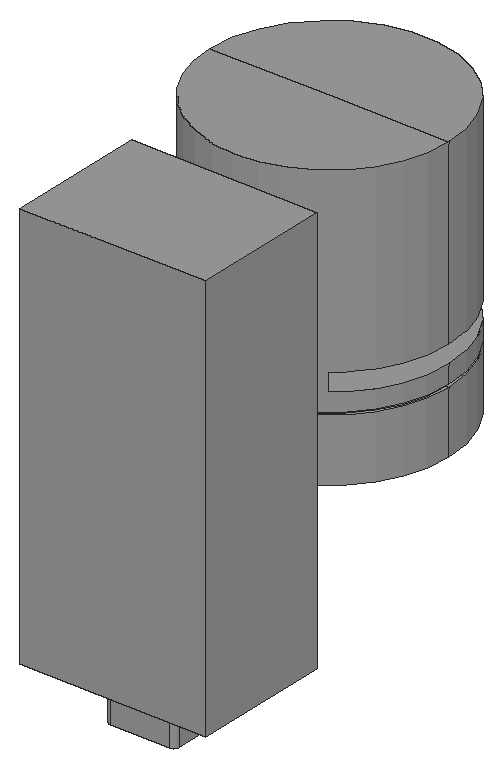
Revit family "Alcon-13306-Revit-Family", category Generic Models, host Face, Revit 2025
Family settings
  Host = Face
  Can host rebar = No
  Round Connector Dimension = Use Diameter
  Part Type = Normal
  Cut with Voids When Loaded = No
  Maintain Annotation Orientation = No
  Shared = No
  Room Calculation Point = No
Parameters
  URL = "https://www.alconlighting.com/?srsltid=AfmBOooDPhGQ0dEP-X2PMtxFfvvWpIAEL4jCll_O2F4_to5onvhnBomy"
  Product Page URL = "https://www.alconlighting.com/13306.html"
  Model = "13306"
  Fixture Rotation = 90.00°
  Default Elevation = 4' - 0"
  Body = Default
Reference planes (in)
  plane 1 "Center (Front/Back)": y = 0
  plane 2: z = 0
  plane 3 "Center (Left/Right)": x = 0
Forms (in)
  Extrusion 1, solid, material "Default" <- "Body"
    sketch origin (0, -2.14172, 0.5) x (1, 0, 0) y (0, -1, 0)
      loop
        arc (-0.375, -0.3125) -> (-0.35669, -0.35669) -> (-0.3125, -0.375) r 0.0625
        line (-0.3125, -0.375) -> (0.3125, -0.375)
        arc (0.3125, -0.375) -> (0.35669, -0.35669) -> (0.375, -0.3125) r 0.0625
        line (0.375, -0.3125) -> (0.375, 0.3125)
        arc (0.375, 0.3125) -> (0.35669, 0.35669) -> (0.3125, 0.375) r 0.0625
        line (0.3125, 0.375) -> (-0.3125, 0.375)
        arc (-0.3125, 0.375) -> (-0.35669, 0.35669) -> (-0.375, 0.3125) r 0.0625
        line (-0.375, 0.3125) -> (-0.375, -0.3125)
    from 0 to 0.5
  Extrusion 2, solid, material "Default" <- "Body"
    sketch origin (0, -2.14172, 0.5) x (1, 0, 0) y (0, 1, 0)
      loop
        line (-0.985, 0.74) -> (-0.985, -0.74) -> (0.985, -0.74) -> (0.985, 0.74) -> (-0.985, 0.74)
    from 0 to 4.34
Lines and regions (in)
  reference lines
    curve 1: line (0, 0, 4) -> (0, 0, 3.75)
    curve 2: line (-3.985, 0, 3.75) -> (4.015, 0, 3.75)
Dimensions and locks (in)
  "Fixture Rotation": angle nested 1 to curve 2
  aligned and locked: plane 2 to host face
  aligned and locked: level to host face
Automatic sketch dimensions
  host sketch curve to host sketch curve = 8' - 0"  (x2)
  Extrusion 1 sketch curve to plane 3 "Center (Left/Right)" = 0' - 0 3/8"
  Extrusion 1 sketch curve to Extrusion 1 sketch curve = 0' - 0 1/16"  (x3)
  plane 3 "Center (Left/Right)" to Extrusion 1 sketch curve = 0' - 0 5/16"  (x2)
  plane 1 "Center (Front/Back)" to Extrusion 1 sketch curve = 0' - 2.51672"
  Extrusion 1 sketch curve to Extrusion 1 sketch curve = 0' - 0 5/8"
  Extrusion 1 to Extrusion 2 sketch curve = 0' - 0.61"  (x2)
  Extrusion 1 to Extrusion 2 sketch curve = 0' - 0.365"  (x2)
  curve 1 to plane 3 "Center (Left/Right)" = 0' - 0"
  level to curve 1 = 0' - 3 3/4"
  curve 2 to curve 1 = 0' - 3.985"
  plane 3 "Center (Left/Right)" to curve 2 = 0' - 4.015"
  curve 1 to curve 1 = 0' - 0 1/4"
Nested families (in)
  nested 1: "Alcon - 13306 Cylinder" at (0, 0, 3.75) x (0, 0, 1) z (0, -1, 0), type "Alcon - 13306 Cylinder"
    with built-in parameter 1001306 0.22917 (stored number, unit not read)
Definition of nested family "Alcon - 13306 Cylinder"
  Parameters (values of type "Alcon - 13306 Cylinder")
    Wattage = 9.2903 W
    built-in parameter 1150110 = 1 (stored number, unit not read)
    built-in parameter 1114217 = 1 (stored number, unit not read)
    Tilt Angle = 60.00°
    built-in parameter 1150109 = 1 (stored number, unit not read)
    built-in parameter 1150134 = 3
    built-in parameter 1150113 = 1 (stored number, unit not read)
    built-in parameter 1010507 = 1.5708 (stored number, unit not read)
    built-in parameter 1010506 = 0.5236 (stored number, unit not read)
    built-in parameter 1150105 = 4614.1 (stored number, unit not read)
    Lumens = 1380 lm
    built-in parameter 1150115 = 1 (stored number, unit not read)
    Light Source Symbol Length = 10' - 0"
    built-in parameter 1150137 = (empty or 0)
    built-in parameter 1150139 = (empty or 0)
    built-in parameter 1001306 [instance] = 4' - 0"
    built-in parameter 1150112 = 1 (stored number, unit not read)
    built-in parameter 1150114 = 1 (stored number, unit not read)
    built-in parameter 1150132 = (empty or 0)
    built-in parameter 1150102 = (empty or 0)
    built-in parameter 1150107 = 3200 (stored number, unit not read)
    built-in parameter 1150138 = (empty or 0)
    built-in parameter 1150106 = 46.141 (stored number, unit not read)
    Glass = none
    built-in parameter 1150104 = 13.8 (stored number, unit not read)
    Dimming Lamp Color Temperature Shift = (empty or 0)
    Default Elevation = 0' - 0"
    Color Filter = 16777215
    Body = none
    built-in parameter 1114218 = 1 (stored number, unit not read)
    built-in parameter 1150133 = 10 (stored number, unit not read)
  Reference planes (in)
    plane 1 "Center (Front/Back)": y = 0
    plane 2: z = 0
    plane 3 "Left": x = 0
    plane 4 "Right": x = 48
  Forms (in)
    Revolve 1, solid, material <- "Body"
      sketch origin (0, 0, 0) x (1, 0, 0) y (0, 1, 0)
        loop
          line (-1.75, 1.27) -> (-1.45658, 0.94011) -> (1.125, 0.94011) -> (1.125, 0) -> (1.25, 0) -> (1.25, 1.27) -> (-1.05678, 1.27) -> (-1.05678, 1.23875) -> (-1.08803, 1.23875) -> (-1.08803, 1.27) -> (-1.75, 1.27)
        axis (1.25, 0) -> (-1.75, 0)
      angle from 0 to 360
    Extrusion 2, solid, material <- "Glass"
      sketch origin (0, 0, 0) x (0, 1, 0) y (0, 0, 1)
        loop
          circle (0, 0) r 0.94011
      from -1.45658 to -1.363
    Extrusion 3, solid, material <- "Body"
      sketch origin (0, 0, 0) x (0, -1, 0) y (1, 0, 0)
        loop
          circle (0, 0) r 0.5
      from 1.40172 to 1.05018
    Extrusion 4, void
      sketch origin (-0.75047, 0, 0) x (1, 0, 0) y (0, 0, 1)
        loop
          line (-0.1139, -1.09121) -> (0.07694, -1.09121) -> (0.07694, 1.00229) -> (-0.1139, 1.00229) -> (-0.1139, -1.09121)
      from -1.79294 to 1.91356
  Cuts and joins
    Extrusion 4 cuts Revolve 1
  Lines and regions (in)
    reference lines
      curve 1: line (0, 0, 0) -> (48, 0, 0)
    model lines
      curve 2: line (0, 0, 0) -> (-8.5, 0, 0)
  Dimensions and locks (in)
    "built-in parameter 1001306": plane 3 "Left" to plane 4 "Right"
    aligned and locked: plane 4 "Right" to curve 1
    aligned and locked: plane 1 "Center (Front/Back)" to curve 1
    aligned and locked: plane 3 "Left" to curve 1
    aligned and locked: level to plane 2
  Automatic sketch dimensions
    Extrusion 2 sketch curve to Extrusion 2 sketch curve = 0' - 0"  (x2)
    Extrusion 2 sketch curve to level = 0' - 0"
    Extrusion 2 sketch curve to plane 1 "Center (Front/Back)" = 0' - 0"
    plane 1 "Center (Front/Back)" to Extrusion 2 sketch curve = 0' - 0.94011"
    plane 1 "Center (Front/Back)" to curve 2 = 0' - 0"
    curve 2 to plane 3 "Left" = 0' - 0"
    curve 2 to curve 2 = 0' - 8 1/2"
    plane 1 "Center (Front/Back)" to Extrusion 3 sketch curve = 0' - 0"
    Extrusion 3 sketch curve to plane 3 "Left" = 0' - 0"
    plane 1 "Center (Front/Back)" to Revolve 1 sketch curve = 0' - 0"  (x2)
    Revolve 1 sketch curve to plane 3 "Left" = 0' - 1 3/4"
    Revolve 1 sketch curve to Revolve 1 sketch curve = 0' - 0.29342"
    plane 3 "Left" to Revolve 1 sketch curve = 0' - 1 1/8"
    Revolve 1 sketch curve to Revolve 1 sketch curve = 0' - 0 1/8"
    Revolve 1 sketch curve to plane 1 "Center (Front/Back)" = 0' - 0.94011"
    Revolve 1 sketch curve to Revolve 1 sketch curve = 0' - 0.32989"
    Revolve 1 sketch curve to Revolve 1 sketch curve = 0' - 0.36855"
    Revolve 1 sketch curve to plane 3 "Left" = 0' - 0.92626"
    plane 3 "Left" to Revolve 1 sketch curve = 0' - 0.17599"
    Revolve 1 sketch curve to Revolve 1 sketch curve = 0' - 0 1/32"  (x2)
    Revolve 1 sketch curve to Revolve 1 sketch curve = 0' - 0"
    Extrusion 4 sketch curve to plane 3 "Left" = 0' - 0.86437"
    Extrusion 4 sketch curve to plane 3 "Left" = 0' - 0.67353"
    Extrusion 4 sketch curve to level = 0' - 1.09121"
    level to Extrusion 4 sketch curve = 0' - 1.00229"
    radius of Extrusion 3 sketch curve = 0' - 0 1/2"
